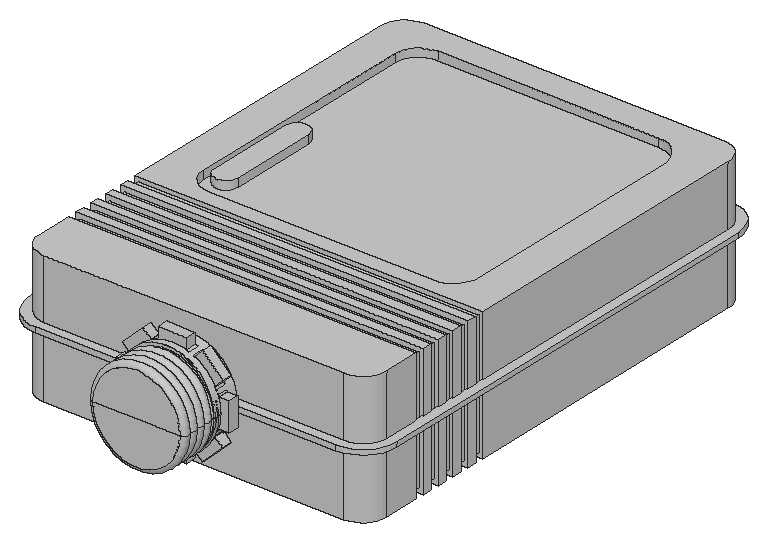
Revit family "NXRCFCX", category Communication Devices, host Face, Revit 2021
Family settings
  Host = Face
  Maintain Annotation Orientation = No
  Round Connector Dimension = Use Diameter
  Part Type = Normal
  OmniClass Number = 23.85.80.11.27
  OmniClass Title = Lighting Controls
  Cut with Voids When Loaded = No
  Shared = Yes
  Room Calculation Point = No
Parameters
  Warranty = "5-Years Warranty"  # constant formula
  Voltage = "120/277/347 VAC"
  Type Comments = "FX Room Controller"  # constant formula
  Standby Power = "120VAC: 1.2,277VAC: 1.5,347VAC: 1.5"  # constant formula
  Product Page URL = ""
  Product Documentation Link = ""
  URL = "https://www.currentlighting.com/nxlightingcontrols"
  Model = "NX Room Controller"  # constant formula
  Manufacturer = " NX Lighting Controls"  # constant formula
  L = 5.26"
  Washer = Metal-Galvanized_Steel
  Features = "• Single or dual relay versions for ON/OFF or bi-level control\r\n• Approved for use with controlled receptacles\r\n• Single or dual 0-10V interface for full range dimming control\r\n• FX bus enabled, allows for up to 32 room controllers per NX Zone Segment\r\n• SmartPORT™ auto configuration support for NX Occupancy Sensors,\r\nDaylight Sensors and Smart Wall Stations\r\n• Intelligently and automatically responds to sensors and switches in the most\r\nefficient manner\r\n• Schedules are held in the devices themselves with integral Time Clock\r\nrequiring no additional devices for scheduling\r\n• Advanced configuration, power metering, and control through either NX\r\nArea Controller or HCS control Bluetooth™ mobile application"  # constant formula
  Dimming = " Class 2/Class 1\r\n• Installation as Class 1 requires 600 volt\r\ninsulation on dimming conductors sharing\r\na conduit with line voltage conductors"  # constant formula
  Description = "The FX enabled NX Room Controller (NXRCFX) provides automatic and manual lighting control with the simplicity of plug-in installation and auto-configuration. Devices such as digital wall stations, occupancy/vacancy sensors, and daylight sensors are simply plugged into the FX Room Controller and auto-configure to default operations. All device communication is over stardard Cat5 cables which simplifies installation and eliminates wiring errors. Advanced configuration of the FX Room Controller can be accomplished through use of the NX Bluetooth® Radio and free control mobile application available for both Android™ and iOS® devices. All of these features add up to an efficient, user-friendly and trouble-free installation."  # constant formula
  Default Elevation = 0.00"
  Copyright = "Copyright ©  NX Lighting Controls"  # constant formula
  Contact Us = ""
  Housing Material = Plastic -  Gray
  Certification = "Conforms with UL916 and Certified to CAN/\r\nCSA C22.2 No. 205-M1983\r\n• IC Approved\r\n• Title 24 compliance"  # constant formula
  Assembly Code = "D5090"
Reference planes (in)
  plane 1 "Center (Front/Back)": y = 13.01342
  plane 2: z = 0
  plane 3 "Center (Left/Right)": x = 0
  plane 4: x = 1.93
  plane 5: x = -1.93
  plane 6: y = 15.64342
  plane 7: y = 10.38342
Forms (in)
  Extrusion 1, solid, material "Plastic -  Gray" <- "Housing Material"
    sketch origin (13.06888, 12.96782, 0) x (0, 1, 0) y (-1, 0, 0)
      loop
        arc (-2.18, 14.837) -> (-2.35678, 14.76378) -> (-2.43, 14.587) r 0.25
        line (-2.43, 14.587) -> (-2.43, 11.4497)
        arc (-2.43, 11.4497) -> (-2.35678, 11.27292) -> (-2.18, 11.1997) r 0.25
        line (-2.18, 11.1997) -> (2.28105, 11.1997)
        arc (2.28105, 11.1997) -> (2.45783, 11.27292) -> (2.53105, 11.4497) r 0.25
        line (2.53105, 11.4497) -> (2.53105, 14.587)
        arc (2.53105, 14.587) -> (2.45783, 14.76378) -> (2.28105, 14.837) r 0.25
        line (2.28105, 14.837) -> (-2.18, 14.837)
    from 0 to 1.37
  Sweep 2, solid, material "Plastic -  Gray" <- "Housing Material"
    path in 3D
      loop
        line (-1.76813, 12.04114, 1.37) -> (-1.76813, 10.78782, 1.37)
        arc (-1.76813, 10.78782, 1.37) -> (-1.6949, 10.61105, 1.37) -> (-1.51813, 10.53782, 1.37) r 0.25
        line (-1.51813, 10.53782, 1.37) -> (1.61918, 10.53782, 1.37)
        arc (1.61918, 10.53782, 1.37) -> (1.79596, 10.61105, 1.37) -> (1.86918, 10.78782, 1.37) r 0.25
        line (1.86918, 10.78782, 1.37) -> (1.86918, 11.18547, 1.37) -> (1.86918, 15.24888, 1.37)
        arc (1.86918, 15.24888, 1.37) -> (1.79596, 15.42565, 1.37) -> (1.61918, 15.49888, 1.37) r 0.25
        line (1.61918, 15.49888, 1.37) -> (-1.51813, 15.49888, 1.37)
        arc (-1.51813, 15.49888, 1.37) -> (-1.6949, 15.42565, 1.37) -> (-1.76813, 15.24888, 1.37) r 0.25
        line (-1.76813, 15.24888, 1.37) -> (-1.76813, 14.11061, 1.37)
    profile origin (-1.76813, 14.67974, 1.37) x (1, 0, 0) y (0, 0, 1)
      loop
        line (0, -0.625) -> (-0.10642, -0.625) -> (-0.10642, -0.67672) -> (0, -0.67672) -> (0, -0.625)
  Sweep 3, void
    path origin (0, 13.01342, 0) x (1, 0, 0) y (0, 0, 1)
      loop
        line (1.86918, 1.37) -> (-1.76813, 1.37) -> (-1.76813, 0) -> (1.86918, 0) -> (1.86918, 1.37)
    profile origin (0.05053, 13.01342, 1.37) x (0, 0, -1) y (0, -1, 0)
      loop
        line (0, 0.97228) -> (0.04095, 0.97228) -> (0.04095, 1.06924) -> (0, 1.06924) -> (0, 0.97228)
      loop
        line (0.04876, 1.16619) -> (0.04876, 1.26315) -> (0, 1.26315) -> (0, 1.16619) -> (0.04876, 1.16619)
      loop
        line (0.04876, 1.36011) -> (0.04876, 1.45707) -> (0, 1.45707) -> (0, 1.36011) -> (0.04876, 1.36011)
      loop
        line (0.04876, 1.55403) -> (0.04876, 1.65098) -> (0, 1.65098) -> (0, 1.55403) -> (0.04876, 1.55403)
      loop
        line (0.04876, 1.74794) -> (0.04876, 1.8449) -> (0, 1.8449) -> (0, 1.74794) -> (0.04876, 1.74794)
  Extrusion 4, solid, material "Plastic -  Gray"
    sketch origin (0, 0, 0) x (0, 1, 0) y (0, 0, -1)
      loop
        line (12.05823, -0.93272) -> (14.1811, -0.93272) -> (14.1811, -0.43272) -> (12.05823, -0.43272) -> (12.05823, -0.93272)
      loop
        line (12.09385, -0.8971) -> (14.12985, -0.8971) -> (14.12985, -0.46835) -> (12.09385, -0.46835) -> (12.09385, -0.8971)
    from 1.86918 to 1.93
  Extrusion 5, solid, material "Plastic -  Gray" <- "Housing Material"
    sketch origin (0, 0, 0) x (0, 1, 0) y (0, 0, 1)
      loop
        line (14.12985, 0.78783) -> (14.04975, 0.78783) -> (14.04975, 0.84943) -> (13.96717, 0.84943) -> (13.96717, 0.8971) -> (13.80782, 0.8971) -> (13.80782, 0.84943) -> (13.72524, 0.84943) -> (13.72524, 0.78783) -> (13.64038, 0.78783) -> (13.64038, 0.46835) -> (14.12985, 0.46835) -> (14.12985, 0.78783)
      loop
        line (13.59252, 0.78783) -> (13.54465, 0.78783) -> (13.54465, 0.84943) -> (13.46208, 0.84943) -> (13.46208, 0.8971) -> (13.30272, 0.8971) -> (13.30272, 0.84943) -> (13.22015, 0.84943) -> (13.22015, 0.78783) -> (13.13529, 0.78783) -> (13.13529, 0.46835) -> (13.59252, 0.46835) -> (13.59252, 0.78783)
      loop
        line (12.10948, 0.78783) -> (12.10948, 0.46835) -> (12.59894, 0.46835) -> (12.59894, 0.78783) -> (12.51408, 0.78783) -> (12.51408, 0.84943) -> (12.43151, 0.84943) -> (12.43151, 0.8971) -> (12.27215, 0.8971) -> (12.27215, 0.84943) -> (12.18958, 0.84943) -> (12.18958, 0.78783) -> (12.10948, 0.78783)
      loop
        line (12.64681, 0.78783) -> (12.64681, 0.46835) -> (13.10404, 0.46835) -> (13.10404, 0.78783) -> (13.01918, 0.78783) -> (13.01918, 0.84943) -> (12.9366, 0.84943) -> (12.9366, 0.8971) -> (12.77725, 0.8971) -> (12.77725, 0.84943) -> (12.69467, 0.84943) -> (12.69467, 0.78783) -> (12.64681, 0.78783)
      loop
        line (14.1811, 0.93272) -> (12.05823, 0.93272) -> (12.05823, 0.43272) -> (14.1811, 0.43272) -> (14.1811, 0.93272)
    from -1.76813 to -1.93
  Extrusion 6, solid, material "Plastic -  Gray" <- "Housing Material"
    sketch origin (0, 13.01342, 0) x (1, 0, 0) y (0, 0, 1)
      loop
        circle (0, 0.69328) r 0.5
    from 2.4756 to 2.77248
  Extrusion 7, solid, material "Metal-Galvanized_Steel" <- "Washer"
    sketch origin (0, 13.01342, 0) x (1, 0, 0) y (0, 0, 1)
      loop
        arc (-0.14745, 1.17104) -> (-0.19134, 1.15521) -> (-0.23356, 1.13537) r 0.5
        line (-0.23356, 1.13537) -> (-0.31252, 1.21433) -> (-0.52105, 1.0058) -> (-0.4421, 0.92684)
        arc (-0.4421, 0.92684) -> (-0.46194, 0.88462) -> (-0.47776, 0.84073) r 0.5
        line (-0.47776, 0.84073) -> (-0.58943, 0.84073) -> (-0.58943, 0.54582) -> (-0.47776, 0.54582)
        arc (-0.47776, 0.54582) -> (-0.46194, 0.50193) -> (-0.4421, 0.45971) r 0.5
        line (-0.4421, 0.45971) -> (-0.52105, 0.38075) -> (-0.31252, 0.17222) -> (-0.23356, 0.25118)
        arc (-0.23356, 0.25118) -> (-0.19134, 0.23134) -> (-0.14745, 0.21551) r 0.5
        line (-0.14745, 0.21551) -> (-0.14745, 0.10385) -> (0.14745, 0.10385) -> (0.14745, 0.21551)
        arc (0.14745, 0.21551) -> (0.19134, 0.23134) -> (0.23356, 0.25118) r 0.5
        line (0.23356, 0.25118) -> (0.31252, 0.17222) -> (0.52105, 0.38075) -> (0.4421, 0.45971)
        arc (0.4421, 0.45971) -> (0.46194, 0.50193) -> (0.47776, 0.54582) r 0.5
        line (0.47776, 0.54582) -> (0.58943, 0.54582) -> (0.58943, 0.84073) -> (0.47776, 0.84073)
        arc (0.47776, 0.84073) -> (0.46194, 0.88462) -> (0.4421, 0.92684) r 0.5
        line (0.4421, 0.92684) -> (0.52105, 1.0058) -> (0.31252, 1.21433) -> (0.23356, 1.13537)
        arc (0.23356, 1.13537) -> (0.19134, 1.15521) -> (0.14745, 1.17104) r 0.5
        line (0.14745, 1.17104) -> (0.14745, 1.2827) -> (-0.14745, 1.2827) -> (-0.14745, 1.17104)
    from 2.58201 to 2.69301
  Revolve 8, solid, material "Plastic -  Gray" <- "Housing Material"
    sketch origin (0, 0.28125, 0.67855) x (1, 0, 0) y (0, 1, 0)
      loop
        line (0, 10.04358) -> (0, 9.56701) -> (0.45403, 9.568)
        arc (0.45403, 9.568) -> (0.50159, 9.61556) -> (0.45403, 9.66312) r 0.04756
        arc (0.45403, 9.66312) -> (0.50159, 9.71067) -> (0.45403, 9.75823) r 0.04756
        arc (0.45403, 9.75823) -> (0.50159, 9.80579) -> (0.45403, 9.85335) r 0.04756
        arc (0.45403, 9.85335) -> (0.50159, 9.9009) -> (0.45403, 9.94846) r 0.04756
        arc (0.45403, 9.94846) -> (0.50159, 9.99602) -> (0.45403, 10.04358) r 0.04756
        line (0.45403, 10.04358) -> (0, 10.04358)
      axis (0, 10.04358) -> (0, 9.56701)
    angle from 0 to 360
  Extrusion 9, void
    sketch origin (0, 0, 0) x (1, 0, 0) y (0, 1, 0)
      loop
        line (-1.13959, 12.20671) -> (1.23733, 12.20671)
        arc (1.23733, 12.20671) -> (1.41411, 12.27993) -> (1.48733, 12.45671) r 0.25
        line (1.48733, 12.45671) -> (1.48733, 14.88186)
        arc (1.48733, 14.88186) -> (1.39218, 15.11156) -> (1.16248, 15.20671) r 0.32485
        line (1.16248, 15.20671) -> (-1.13959, 15.20671)
        arc (-1.13959, 15.20671) -> (-1.31636, 15.13349) -> (-1.38959, 14.95671) r 0.25
        line (-1.38959, 14.95671) -> (-1.38959, 12.45671)
        arc (-1.38959, 12.45671) -> (-1.31636, 12.27993) -> (-1.13959, 12.20671) r 0.25
    from 1.2827 to 1.37
  Extrusion 10, solid, material "Plastic -  Gray" <- "Housing Material"
    sketch origin (0, 0, 0) x (1, 0, 0) y (0, 1, 0)
      loop
        arc (-1.33943, 12.5422) -> (-1.21443, 12.4172) -> (-1.08943, 12.5422) r 0.125
        line (-1.08943, 12.5422) -> (-1.08943, 13.4561)
        arc (-1.08943, 13.4561) -> (-1.21443, 13.5811) -> (-1.33943, 13.4561) r 0.125
        line (-1.33943, 13.4561) -> (-1.33943, 12.5422)
    from 1.2827 to 1.37
Cuts and joins
  Sweep 3, Extrusion 9 cuts Extrusion 1
  Sweep 3 cuts Sweep 2
Lines and regions (in)
  sketch lines
    curve 1: line (-1.76813, 15.24888, 1.37) -> (-1.76813, 14.11061, 1.37)
    curve 2: arc (-1.76813, 15.24888, 1.37) -> (-1.6949, 15.42565, 1.37) -> (-1.51813, 15.49888, 1.37) r 0.25
    curve 3: line (1.61918, 15.49888, 1.37) -> (-1.51813, 15.49888, 1.37)
    curve 4: arc (1.61918, 15.49888, 1.37) -> (1.79596, 15.42565, 1.37) -> (1.86918, 15.24888, 1.37) r 0.25
    curve 5: line (1.86918, 11.18547, 1.37) -> (1.86918, 15.24888, 1.37)
    curve 6: line (1.86918, 10.78782, 1.37) -> (1.86918, 11.18547, 1.37)
    curve 7: arc (1.86918, 10.78782, 1.37) -> (1.79596, 10.61105, 1.37) -> (1.61918, 10.53782, 1.37) r 0.25
    curve 8: line (-1.51813, 10.53782, 1.37) -> (1.61918, 10.53782, 1.37)
    curve 9: arc (-1.51813, 10.53782, 1.37) -> (-1.6949, 10.61105, 1.37) -> (-1.76813, 10.78782, 1.37) r 0.25
    curve 10: line (-1.76813, 12.04114, 1.37) -> (-1.76813, 10.78782, 1.37)
Dimensions and locks (in)
  aligned and locked: plane 2 to host face
  aligned and locked: level to host face
  aligned and locked: Extrusion 4 to Extrusion 5
  aligned and locked: Extrusion 6 to cut or joined group of Extrusion 1, Sweep 3, Extrusion 9
  aligned and locked: Extrusion 1 to Extrusion 9
  aligned and locked: cut or joined group of Extrusion 1, Sweep 3, Extrusion 9 to Extrusion 10
Connectors (in)
  electrical at (-0.09483, 12.32442, 0.745)
    settings: on cut or joined group of Sweep 2, Sweep 3, index 1, voltage 0 V, apparent load 0 VA, apparent load phase1 0 VA, apparent load phase2 0 VA, apparent load phase3 0 VA, power factor 1, load classification "Other", number of poles 1, system type 14, power factor state 1, is connector primary yes, connector utility no, sub classification motor no, connector description "Room Controller"
